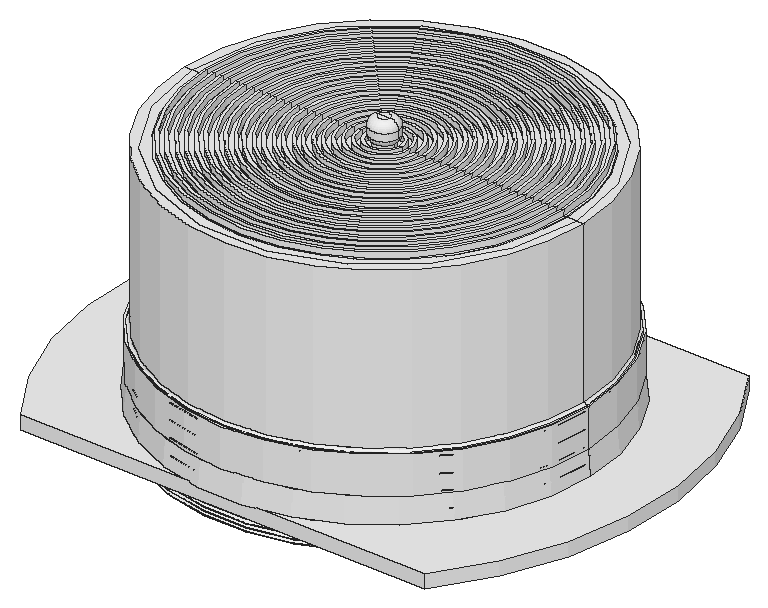
Revit family "50686_BEGA_Revit", category Lighting Fixtures, host Ceiling, Revit 2017
Family settings
  Host = Ceiling
  Round Connector Dimension = Use Diameter
  Part Type = Normal
  OmniClass Number = 23.80.70.11
  OmniClass Title = Luminaries for Internal Lighting
  Always vertical = Yes
  Cut with Voids When Loaded = No
  Light Source = Yes
  Shared = No
  Room Calculation Point = No
Parameters (values of type "STUDIO LINE - recessed ceiling luminaires")
  Wattage = 12.7439 W
  built-in parameter 1150110 = 1 (stored number, unit not read)
  built-in parameter 1114217 = 1 (stored number, unit not read)
  Tilt Angle = 90.00°
  built-in parameter 1150109 = 1 (stored number, unit not read)
  built-in parameter 1150134 = 12
  built-in parameter 1150113 = 1 (stored number, unit not read)
  Photometric Web File = "50686.2K4_BEGA_IES.ies"
  Model = "50 686"
  Manufacturer = "BEGA North America"
  Lumens = 1893 lm
  built-in parameter 1150115 = 1 (stored number, unit not read)
  built-in parameter 1150105 = 150.64 (stored number, unit not read)
  built-in parameter 1150137 = (empty or 0)
  built-in parameter 1150139 = (empty or 0)
  built-in parameter 1150112 = 1 (stored number, unit not read)
  built-in parameter 1150114 = 1 (stored number, unit not read)
  built-in parameter 1150132 = 2
  built-in parameter 1150102 = (empty or 0)
  built-in parameter 1150138 = (empty or 0)
  built-in parameter 1150107 = 4000 (stored number, unit not read)
  built-in parameter 1150106 = 1.5064 (stored number, unit not read)
  built-in parameter 1150104 = 13.8 (stored number, unit not read)
  Dimming Lamp Color Temperature Shift = <None>
  Description = "STUDIO LINE - recessed ceiling luminaires"
  Color Filter = 16777215
  built-in parameter 1114218 = 1 (stored number, unit not read)
  built-in parameter 1150133 = 10 (stored number, unit not read)
Types (3): name | Wattage | Photometric Web File | Lumens | built-in parameter 1150105 | built-in parameter 1150106
  (no name) | 12.7439 W | "50686.2K4_BEGA_IES.ies" | 1893 lm | 150.64 (stored number, unit not read) | 1.5064 (stored number, unit not read)
  Semi-Recessed ceiling luminaire | 23.2662 W | 0' - 0" | 3456 lm | 275.02 (stored number, unit not read) | 2.7502 (stored number, unit not read)
  STUDIO LINE - recessed ceiling luminaires | 12.7439 W | "50686.2K4_BEGA_IES.ies" | 1893 lm | 150.64 (stored number, unit not read) | 1.5064 (stored number, unit not read)
Reference planes (in)
  plane 1 "Light Source Axis (F/B)": y = 0
  plane 2 "Ceiling": z = 96
  plane 3 "Light Source Axis (L/R)": x = 0
  plane 4 "Light Source Elevation": z = 99.16033
Lines and regions (in)
  Opening 1
    outline origin (0, 0, 96) x (1, 0, 0) y (0, 1, 0)
      loop
        circle (0, 0) r 3.35171
Dimensions and locks (in)
  equal spacing: host sketch curve, plane 3 "Light Source Axis (L/R)", host sketch curve
  equal spacing: host sketch curve, plane 1 "Light Source Axis (F/B)", host sketch curve
  host sketch curve to host sketch curve = 10' - 0"  (x2)
  aligned and locked: plane 3 "Light Source Axis (L/R)" to imposter light
  aligned and locked: plane 1 "Light Source Axis (F/B)" to imposter light
  aligned and locked: plane 4 "Light Source Elevation" to imposter light
Nested families (in)
  nested 1: "50686" at (0, 0, 96), type "50686"
Definition of nested family "50686"
  Reference planes (in)
    plane 1 "Center (Front/Back)": y = 0
    plane 2: z = 0
    plane 3 "Center (Left/Right)": x = 0
  Forms (in)
    Revolve 1, solid
      sketch origin (0, 0, 0.14855) x (1, 0, 0) y (0, 0, 1)
        loop
          line (-3.26791, 4.14645) -> (-3.39927, 4.14645) -> (-3.39927, 1.4312)
          arc (-3.39927, 1.4312) -> (-3.41147, 1.4003) -> (-3.4415, 1.38609) r 0.04521
          line (-3.4415, 1.38609) -> (-3.4415, 1.28562)
          arc (-3.4415, 1.28562) -> (-3.38962, 1.23374) -> (-3.4415, 1.18186) r 0.05188
          line (-3.4415, 1.18186) -> (-3.4415, 1.11505) -> (-3.4415, 1.01458)
          arc (-3.4415, 1.01458) -> (-3.38962, 0.9627) -> (-3.4415, 0.91082) r 0.05188
          line (-3.4415, 0.91082) -> (-3.4415, 0.84401) -> (-3.4415, 0.74354)
          arc (-3.4415, 0.74354) -> (-3.38962, 0.69166) -> (-3.4415, 0.63978) r 0.05188
          line (-3.4415, 0.63978) -> (-3.4415, 0.57297) -> (-3.4415, 0.4725)
          arc (-3.4415, 0.4725) -> (-3.38962, 0.42062) -> (-3.4415, 0.36874) r 0.05188
          line (-3.4415, 0.36874) -> (-3.4415, 0.10592) -> (-3.40651, 0.05595) -> (-3.4415, 0.02096) -> (-3.40984, -0.0107) -> (-3.4415, -0.04237) -> (-3.41163, -0.07224) -> (-3.4415, -0.10211) -> (-3.39629, -0.14732) -> (-3.34873, -0.14732) -> (-3.23588, 4.02145) -> (-3.11029, 4.02145) -> (-3.11029, 4.14645) -> (-3.26791, 4.14645)
        axis (0, -0.14732) -> (0, 4.14645)
      angle from 0 to 360
    Extrusion 2, solid
      sketch origin (0.27935, 0, 0) x (1, 0, 0) y (0, 1, 0)
        loop
          arc (-3.72086, 3.4415) -> (-4.9157, -0.00393) -> (-3.72086, -3.44937) r 5.56502
          line (-3.72086, -3.44937) -> (3.16215, -3.44937)
          arc (3.16215, -3.44937) -> (4.33381, -0.00393) -> (3.16215, 3.4415) r 5.65172
          line (3.16215, 3.4415) -> (-3.72086, 3.4415)
      from 0.25448 to 0.47983
    Revolve 3, solid
      sketch origin (0.00129, 0, 0.12236) x (1, 0, 0) y (0, 0, 1)
        loop
          line (3.44021, 1.40864) -> (3.44021, 1.31194)
          arc (3.44021, 1.31194) -> (3.38785, 1.25958) -> (3.44021, 1.20722) r 0.05236
          line (3.44021, 1.20722) -> (3.44021, 1.04142)
          arc (3.44021, 1.04142) -> (3.388, 0.98922) -> (3.44021, 0.93701) r 0.0522
          line (3.44021, 0.93701) -> (3.44021, 0.76908)
          arc (3.44021, 0.76908) -> (3.38881, 0.71769) -> (3.44021, 0.66629) r 0.05139
          line (3.44021, 0.66629) -> (3.44021, 0.49749)
          arc (3.44021, 0.49749) -> (3.38893, 0.44621) -> (3.44021, 0.39494) r 0.05128
          line (3.44021, 0.39494) -> (3.44021, 0.35747) -> (3.51318, 0.35747) -> (3.47669, 0.7675) -> (3.47669, 1.40864) -> (3.44021, 1.40864)
        axis (0, 1.40864) -> (0, 0.35747)
      angle from 0 to 360
    Extrusion 4, void
      sketch origin (0, 0, 0) x (1, 0, 0) y (0, 1, 0)
        loop
          circle (-0.00645, -0.00711) r 3.21785
      from 0 to 0.56247
    Revolve 5, solid
      sketch origin (0, 0, 0) x (1, 0, 0) y (0, 0, 1)
        loop
          line (3.10981, 4.16856) -> (3.10981, 4.28656) -> (3.06093, 4.28656) -> (3.06093, 4.38456) -> (3.01763, 4.38456) -> (3.01763, 4.28656) -> (2.93627, 4.28656) -> (2.93627, 4.38456) -> (2.89057, 4.38456) -> (2.89057, 4.28656) -> (2.79609, 4.28656) -> (2.79609, 4.38456) -> (2.75279, 4.38456) -> (2.75279, 4.28656) -> (2.67143, 4.28656) -> (2.67143, 4.38456) -> (2.62573, 4.38456) -> (2.62573, 4.28656) -> (2.53125, 4.28656) -> (2.53125, 4.38456) -> (2.48795, 4.38456) -> (2.48795, 4.28656) -> (2.40659, 4.28656) -> (2.40659, 4.38456) -> (2.36088, 4.38456) -> (2.36088, 4.28656) -> (2.26641, 4.28656) -> (2.26641, 4.38456) -> (2.2231, 4.38456) -> (2.2231, 4.28656) -> (2.14175, 4.28656) -> (2.14175, 4.38456) -> (2.09604, 4.38456) -> (2.09604, 4.28656) -> (2.00156, 4.28656) -> (2.00156, 4.38456) -> (1.95826, 4.38456) -> (1.95826, 4.28656) -> (1.8996, 4.28656) -> (1.8996, 4.38456) -> (1.85389, 4.38456) -> (1.85389, 4.28656) -> (1.75941, 4.28656) -> (1.75941, 4.38456) -> (1.71611, 4.38456) -> (1.71611, 4.28656) -> (1.63476, 4.28656) -> (1.63476, 4.38456) -> (1.58905, 4.38456) -> (1.58905, 4.28656) -> (1.49457, 4.28656) -> (1.49457, 4.38456) -> (1.45127, 4.38456) -> (1.45127, 4.28656) -> (1.36991, 4.28656) -> (1.36991, 4.38456) -> (1.32421, 4.38456) -> (1.32421, 4.28656) -> (1.22973, 4.28656) -> (1.22973, 4.38456) -> (1.18643, 4.38456) -> (1.18643, 4.28656) -> (1.10507, 4.28656) -> (1.10507, 4.38456) -> (1.05937, 4.38456) -> (1.05937, 4.28656) -> (0.96489, 4.28656) -> (0.96489, 4.38456) -> (0.92159, 4.38456) -> (0.92159, 4.28656) -> (0.84023, 4.28656) -> (0.84023, 4.38456) -> (0.79453, 4.38456) -> (0.79453, 4.28656) -> (0.70005, 4.28656) -> (0.70005, 4.38456) -> (0.65675, 4.38456) -> (0.65675, 4.28656) -> (0.57539, 4.28656) -> (0.57539, 4.38456) -> (0.52968, 4.38456) -> (0.52968, 4.28656) -> (0.43521, 4.28656) -> (0.43521, 4.38456) -> (0.3919, 4.38456) -> (0.3919, 4.28656) -> (0.31055, 4.28656) -> (0.31055, 4.38456) -> (0.26484, 4.38456) -> (0.26484, 4.28656) -> (0.17036, 4.28656) -> (0.17036, 4.38572)
          arc (0.17036, 4.38572) -> (0.21859, 4.41989) -> (0.23708, 4.47602) r 0.09448
          line (0.23708, 4.47602) -> (0.23708, 4.60078)
          arc (0.23708, 4.60078) -> (0.19672, 4.6982) -> (0.0993, 4.73856) r 0.13778
          line (0.0993, 4.73856) -> (0, 4.73856) -> (0, 4.64993)
          arc (0, 4.64993) -> (0.09966, 4.55027) -> (0, 4.45061) r 0.09966
          line (0, 4.45061) -> (0, 4.10606) -> (3.1691, 4.10606) -> (3.2901, 0.01073) -> (3.35105, 0.01073) -> (3.2282, 4.16856) -> (3.10981, 4.16856)
        axis (0, 4.73856) -> (0, 0.01073)
      angle from 0 to 360
    Revolve 6, solid
      sketch origin (0, 0, 1.58346) x (1, 0, 0) y (0, 0, 1)
        loop
          arc (0, 1.57753) -> (0.31194, 1.66347) -> (0.53585, 1.89705) r 0.60909
          arc (0.53585, 1.89705) -> (1.4961, 1.24198) -> (2.257, 0.36322) r 4.50942
          line (2.257, 0.36322) -> (2.32791, 0.36322) -> (2.39919, 0.22333) -> (2.4344, 0.24127) -> (2.34859, 0.38991) -> (2.27679, 0.38991)
          arc (2.27679, 0.38991) -> (1.51266, 1.26908) -> (0.55, 1.92491) r 4.54067
          line (0.55, 1.92491) -> (0.47986, 1.92491)
          arc (0.47986, 1.92491) -> (0.27903, 1.71661) -> (0, 1.64003) r 0.54659
          line (0, 1.64003) -> (0, 1.57753)
        axis (0, 1.92491) -> (0, 0.22333)
      angle from 0 to 360
    Revolve 7, solid
      sketch origin (0, 0, 4.09211) x (1, 0, 0) y (0, 0, 1)
        loop
          line (2.32732, -2.14544) -> (2.257, -2.14544) -> (3.236, -4.07444) -> (3.30632, -4.07444) -> (2.32732, -2.14544)
        axis (0, -2.14544) -> (0, -4.07444)
      angle from 0 to 360
    Revolve 8, solid
      sketch origin (-0.00196, 0, 3.79056) x (1, 0, 0) y (0, 0, 1)
        loop
          line (3.22233, -3.74163) -> (3.17738, -3.74163) -> (3.17738, -3.78933) -> (3.34976, -3.78933) -> (3.34976, -3.73293) -> (3.31512, -3.73293) -> (3.31512, -3.77289) -> (3.22233, -3.77289) -> (3.22233, -3.74163)
        axis (0, -3.73293) -> (0, -3.78933)
      angle from 0 to 360
  Cuts and joins
    Extrusion 4 cuts Extrusion 2
    Extrusion 4 cuts Revolve 3
    joined: Extrusion 2, Revolve 3
    Extrusion 4 cuts Revolve 1
  Lines and regions (in)
    reference lines
      curve 1: line (-0.26484, 0, 0) -> (0.26484, 0, 0)
      curve 2: line (-3.4415, 0, 0) -> (-3.4415, 3.4415, 0)
      curve 3: line (3.4415, 0, 0) -> (3.4415, 3.4415, 0)
  Dimensions and locks (in)
    aligned and locked: plane 2 to level
